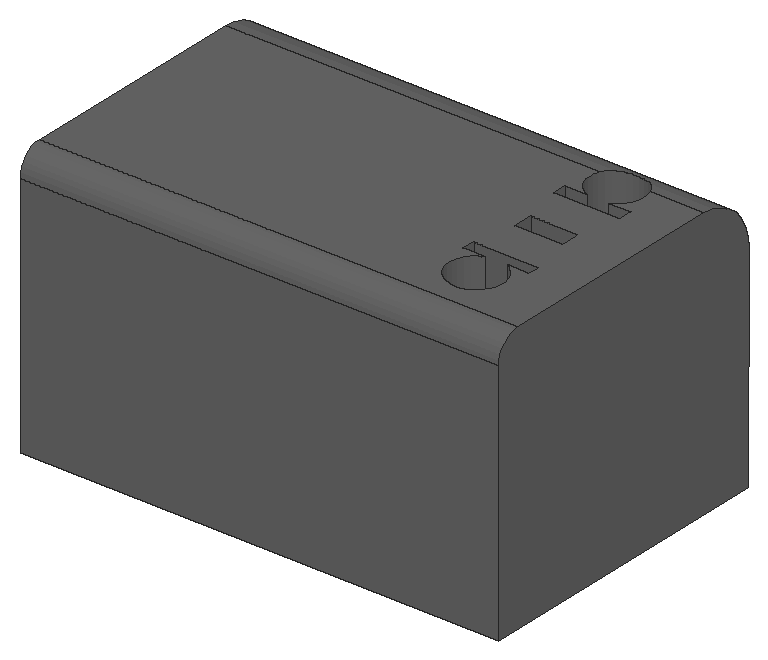
Revit family "Domotics-DomesticRanges-GEWISS-SYSTEM_POWER-SOCKET-OUTLET_SHAVER", category Apparecchi elettrici, host Superficie, Revit 2016
Family settings
  Host = Superficie
  Mantenere orientamento annotazione = Sì
  Tipo di parte = Normale
  Quota connettore circolare = Usa diametro
  Taglio con vuoti quando caricato = No
  Condiviso = Sì
  Punto di calcolo locali = Sì
Parameters (values of type "GW21841 - 230/120v euro/usa shaver socket black")
  Voltage: = "230V ac"
  Voltage = "230V ac"
  Volt = 230 V
  Vista in pianta [instance] = yes
  Version file RFA = "19.4"
  URL = "https://www.gewiss.com/ww/en"
  Type: = "For razor"
  Type = "P11-USA"
  Technical sheet = "https://www.gewiss.com/ww/en/search?q=GW21841"
  TIPO_ = System Presa Rasoio_GENERICO : GW21841 Presa per rasoio standard Euroamericano nero
  Supply voltage = "230V ac - 50/60 Hz"
  Standard: = "Euro-USA"
  Standard = "Euro-USA"
  Simbolo [instance] = yes
  Selectable output voltage = "120 - 230V ac"
  SEO = "Socket outlet"
  Realized by GEWISS S.p.A. = ""
  Default Elevation = 1219.2 mm
  Produttore = "GEWISS S.p.A."
  Offset presa [instance] = 0 mm
  Offset bidimensionale [instance] = 39 mm
  No. SYSTEM modules = "3"
  N. poli = 1
  Modello = "GW21841"
  Maximum power = "20VA"
  Immagine tipo = GW21841.jpg
  IFC.TypeObject = ""
  IFC.ExportType = ""
  IFC.ExportAs = ""
  IDT = "7bd01612-76f8-4d4d-9a05-785bbd72804f"
  IDF = "5a220150-a835-44e3-b795-94ad5cb6ae16"
  For plug pins = "Ø 4 / 5 - 6.3x1.5 mm"
  Electrocod = "0131"
  EAN code = "8011564129665"
  Distanza_x [instance] = 0 mm
  Distanza_effettiva_y [instance] = 100 mm
  Distanza_effettiva_x [instance] = 1000 mm - Distanza_x  # 1000 mm
  Distanza orizzontale del simbolo [instance] = 82.493 mm
  Distanza dal muro [instance] = 4.208 mm
  Descrizione = "230/120V EURO/USA SHAVER SOCKET SY/BK"
  Description. = "Shaver socket-outlet"
  Colour = "Black"
  Catalogue Range = "SYSTEM - DOMESTIC RANGE"
  Catalogue = "DOMOTICS"
  Carico apparente = 0 VA
  COBie.Tagnumber = ""
  COBie.CreatedOn = ""
  COBie.CreatebBy = ""
  COBie.ComponentRegisterItemID = ""
  COBie.Component.TagNumber = ""
  COBie.Component.Space = ""
  COBie.Component.SerialNumber = ""
  COBie.Component.InstallationDate = ""
  COBie.Component.Description = ""
  COBie.Component.BarCode = ""
Types (2, lengths in mm): name | Voltage: | Voltage | Technical sheet | TIPO_ | Modello | Immagine tipo | IDT | Electrocod | EAN code | Descrizione | Colour
  GW20841 - 230/120v euro/usa shaver socket white | "" | "" | "https://www.gewiss.com/ww/en/search?q=GW20841" | System Presa Rasoio_GENERICO : GW20841 Presa per rasoio standard Euroamericano bianco | "GW20841" | GW20841.jpg | "99731cf6-1e3d-4e62-828a-bd6ffa899eb5" | "0130" | "8011564038585" | "230/120V EURO/USA SHAVER SOCKET SY/WT" | "White"
  GW21841 - 230/120v euro/usa shaver socket black | "230V ac" | "230V ac" | "https://www.gewiss.com/ww/en/search?q=GW21841" | System Presa Rasoio_GENERICO : GW21841 Presa per rasoio standard Euroamericano nero | "GW21841" | GW21841.jpg | "7bd01612-76f8-4d4d-9a05-785bbd72804f" | "0131" | "8011564129665" | "230/120V EURO/USA SHAVER SOCKET SY/BK" | "Black"
Reference planes
  plane 1 "Centro (Fronte/Retro)": y = 0
  plane 2: z = 0
  plane 3 "Centro (Sinistra/Destra)": x = 0
  plane 4: x = -1000
  plane 5: x = 0
  plane 6: y = 100
  plane 7: z = 0
  plane 8: z = 39
Lines and regions (mm)
  Masking region 1, visible <- "Vista in pianta"
    outline origin (0, 0, 0) x (1, 0, 0) y (0, 1, 0)
      loop
        line (-34.5, 22.354) -> (-34.5, -22.646) -> (34.5, -22.646) -> (34.5, 22.354) -> (-34.5, 22.354)
      loop
        line (18.337, 7.477) -> (27.859, 7.477) -> (27.859, 9.406) -> (24.699, 9.406)
        arc (24.699, 9.406) -> (23.098, 16.906) -> (21.497, 9.406) r 3.921
        line (21.497, 9.406) -> (18.337, 9.406) -> (18.337, 7.477)
      loop
        line (26.546, 1.758) -> (19.65, 1.758) -> (19.65, -1.181) -> (26.546, -1.181) -> (26.546, 1.758)
      loop
        line (27.859, -6.901) -> (18.337, -6.901) -> (18.337, -8.83) -> (21.497, -8.83)
        arc (21.497, -8.83) -> (23.098, -16.33) -> (24.699, -8.83) r 3.921
        line (24.699, -8.83) -> (27.859, -8.83) -> (27.859, -6.901)
      loop
        arc (-25.955, -6.772) -> (-22.815, -9.912) -> (-19.676, -6.772) r 3.139
        line (-19.676, -6.772) -> (-19.676, 7.349)
        arc (-19.676, 7.349) -> (-22.815, 10.488) -> (-25.955, 7.349) r 3.139
        line (-25.955, 7.349) -> (-25.955, -6.772)
      loop
        circle (-22.815, 16.162) r 0.852
      loop
        circle (-22.815, -15.586) r 0.852
  Masking region 2, visible <- "Vista in pianta"
    outline origin (0, 0, 0) x (1, 0, 0) y (0, 0, 1)
      loop
        line (-34.5, 39) -> (-34.5, 0) -> (34.5, 0) -> (34.5, 39) -> (-34.5, 39)
  Masking region 3, visible <- "Vista in pianta"
    outline origin (0, 0, 0) x (0, 1, 0) y (0, 0, 1)
      loop
        line (-22.646, 39) -> (-22.646, 0) -> (22.354, 0) -> (22.354, 39) -> (-22.646, 39)
Dimensions and locks
  plane 4 to plane 3 "Centro (Sinistra/Destra)" = 1000 mm
  "Distanza_effettiva_x": plane 4 to plane 5
  "Distanza_effettiva_y": plane 6 to plane 1 "Centro (Fronte/Retro)"
  "Offset presa": plane 7 to host face
  "Offset bidimensionale": plane 8 to host face
  aligned and locked: plane 2 to host face
  aligned and locked: level to host face
  aligned and locked: plane 5 to nested 2
  aligned and locked: nested 2 to plane 6
  aligned and locked: plane 5 to nested 1
  aligned and locked: plane 1 "Centro (Fronte/Retro)" to nested 1
  aligned and locked: plane 8 to import instance
  aligned and locked: Masking region 3 to plane 7
  aligned and locked: import instance to plane 8
  aligned and locked: Masking region 3 to nested 1
  aligned and locked: plane 8 to Masking region 2
Automatic sketch dimensions
  host sketch curve to host sketch curve = 2438.4 mm  (x2)
  Masking region 1 sketch curve to Masking region 1 sketch curve = 8.545 mm
  Masking region 1 sketch curve to Masking region 1 sketch curve = 3.139 mm  (x3)
  Masking region 1 sketch curve to plane 1 "Centro (Fronte/Retro)" = 1.758 mm
  Masking region 1 sketch curve to Masking region 1 sketch curve = 1.313 mm  (x2)
  Masking region 1 sketch curve to Masking region 1 sketch curve = 3.16 mm  (x4)
  Masking region 1 sketch curve to Masking region 1 sketch curve = 1.601 mm  (x2)
  Masking region 1 sketch curve to Masking region 1 sketch curve = 3.203 mm  (x2)
  plane 1 "Centro (Fronte/Retro)" to Masking region 1 sketch curve = 1.181 mm
  Masking region 1 sketch curve to Masking region 1 sketch curve = 6.897 mm
  Masking region 1 sketch curve to Masking region 1 sketch curve = 7.06 mm
  Masking region 1 sketch curve to Masking region 1 sketch curve = 11.227 mm
  Masking region 1 sketch curve to Masking region 1 sketch curve = 3.579 mm  (x2)
  Masking region 1 sketch curve to Masking region 1 sketch curve = 1.929 mm  (x2)
  plane 1 "Centro (Fronte/Retro)" to Masking region 1 sketch curve = 6.772 mm
  Masking region 1 sketch curve to plane 1 "Centro (Fronte/Retro)" = 7.349 mm
  Masking region 1 sketch curve to Masking region 1 sketch curve = 5.719 mm
  Masking region 1 sketch curve to Masking region 1 sketch curve = 8.813 mm  (x2)
  plane 3 "Centro (Sinistra/Destra)" to Masking region 1 sketch curve = 18.337 mm
  Masking region 1 sketch curve to Masking region 1 sketch curve = 12.948 mm
  Masking region 2 sketch curve to plane 7 = 0 mm
  Masking region 3 sketch curve to plane 7 = 0 mm
  Masking region 1 sketch curve to plane 3 "Centro (Sinistra/Destra)" = 19.676 mm
  Masking region 1 sketch curve to Masking region 1 sketch curve = 11.402 mm
  Masking region 2 sketch curve to plane 3 "Centro (Sinistra/Destra)" = 34.5 mm
  plane 3 "Centro (Sinistra/Destra)" to Masking region 2 sketch curve = 34.5 mm
  plane 7 to Masking region 2 sketch curve = 39 mm
  Masking region 3 sketch curve to Masking region 3 sketch curve = 39 mm
  plane 1 "Centro (Fronte/Retro)" to Masking region 3 sketch curve = 22.646 mm
  Masking region 3 sketch curve to plane 1 "Centro (Fronte/Retro)" = 22.354 mm
  radius of Masking region 1 sketch curve = 0.852 mm  (x2)
Nested families
  nested 1: "System Presa Rasoio_GENERICO" at (0, 0, 0), type <- "TIPO_", type "GW21841 Presa per rasoio standard Euroamericano nero", detail levels medium+fine
  nested 2: "SIMBOLO PRESA RASOIO" at (0, 100, 0), Distanza dal muro <- "Distanza dal muro", SIMBOLO <- "Simbolo", visible <- "Simbolo", type "RASOIO"
    with SIMBOLO yes, Distanza dal muro 4.208 mm, BORDO ACCESO yes
Connectors
  electrical at (0, -0.146, 0), driven by "N. poli", driven by "Volt", driven by "Carico apparente"
    settings: on nested 1, index 1, voltage 230 V, apparent load 0 VA, apparent load phase1 0 VA, apparent load phase2 0 VA, apparent load phase3 0 VA, power factor 1, load classification "Altro", number of poles 1, system type 31, power factor state 1, is connector primary yes, connector utility no, sub classification motor no, connector description ""
Definition of nested family "System Presa Rasoio_GENERICO"
  Parameters (values of type "GW20841 Presa per rasoio standard Euroamericano bianco")
    Profondità supporto = 28 mm
    Profondità presa = 39 mm
    Finitura Placca Nero = none
    A,ltezza da Terra = 750 mm
  Types (2): name
    GW21841 Presa per rasoio standard Euroamericano nero
    GW20841 Presa per rasoio standard Euroamericano bianco
  Reference planes
    plane 1 "Centro (Fronte/Retro)": y = 0
    plane 2: z = 0
    plane 3 "Centro (Sinistra/Destra)": x = 0
    plane 4: x = -34.5
    plane 5: x = 34.5
    plane 6: z = 28
    plane 7 "A": z = 39
  Forms (mm)
    Extrusion 1, solid, material <- "Finitura Placca Nero", detail levels medium+fine
      sketch origin (0, -772.646, 7.5) x (0, 0, -1) y (0, 1, 0)
        loop
          line (-28, 750) -> (7.5, 750) -> (7.5, 795) -> (-23.5, 795)
          arc (-23.5, 795) -> (-29.157, 792.657) -> (-31.5, 787) r 8
          line (-31.5, 787) -> (-31.5, 753.5)
          arc (-31.5, 753.5) -> (-30.475, 751.025) -> (-28, 750) r 3.5
      from -34.5 to 34.5
    Extrusion 2, void, detail levels medium+fine
      sketch origin (0, -772.646, 7.5) x (1, 0, 0) y (0, 1, 0)
        loop
          arc (24.699, 782.052) -> (23.098, 789.553) -> (21.497, 782.052) r 3.921
          line (21.497, 782.052) -> (18.337, 782.052) -> (18.337, 780.123) -> (27.859, 780.123) -> (27.859, 782.052) -> (24.699, 782.052)
        loop
          line (26.546, 774.404) -> (19.65, 774.404) -> (19.65, 771.465) -> (26.546, 771.465) -> (26.546, 774.404)
        loop
          line (27.859, 765.746) -> (18.337, 765.746) -> (18.337, 763.817) -> (21.497, 763.817)
          arc (21.497, 763.817) -> (23.098, 756.316) -> (24.699, 763.817) r 3.921
          line (24.699, 763.817) -> (27.859, 763.817) -> (27.859, 765.746)
      from 31.5 to 20.5
  Cuts and joins
    Extrusion 2 cuts Extrusion 1
  Lines and regions (mm)
    model lines
      curve 1: line (34.5, -22.646, 0) -> (-34.5, -22.646, 0)
      curve 2: line (-34.5, -22.646, 0) -> (-34.5, 22.354, 0)
      curve 3: line (-34.5, 22.354, 0) -> (34.5, 22.354, 0)
      curve 4: line (34.5, 22.354, 0) -> (34.5, -22.646, 0)
      curve 5: arc (-25.955, -6.772, 39) -> (-22.815, -9.912, 39) -> (-19.676, -6.772, 39) r 3.139
      curve 6: arc (-19.676, 7.349, 39) -> (-22.815, 10.488, 39) -> (-25.955, 7.349, 39) r 3.139
      curve 7: arc (-19.676, 4.793, 39) -> (-22.815, 7.932, 39) -> (-25.955, 4.793, 39) r 3.139
      curve 8: line (6.72, 8.479, 39) -> (0.868, 8.479, 39)
      curve 9: line (0.868, 8.479, 39) -> (0.868, 0.254, 39)
      curve 10: line (0.868, 0.254, 39) -> (-0.793, 0.254, 39)
      curve 11: line (-1.346, 8.479, 39) -> (-7.198, 8.479, 39)
      curve 12: line (-7.198, 8.479, 39) -> (-7.198, 0.412, 39)
      curve 13: line (-7.198, 0.412, 39) -> (-6.803, -1.169, 39)
      curve 14: line (-6.803, -1.169, 39) -> (-6.355, -2.092, 39)
      curve 15: line (-6.355, -2.092, 39) -> (-5.459, -3.146, 39)
      curve 16: line (-5.459, -3.146, 39) -> (-4.51, -3.832, 39)
      curve 17: line (-4.51, -3.832, 39) -> (-3.561, -1.934, 39)
      curve 18: line (-3.561, -1.934, 39) -> (-0.882, -3.273, 39)
      curve 19: line (-0.882, -3.273, 39) -> (-2.453, -6.995, 39)
      curve 20: line (-2.453, -6.995, 39) -> (-5.304, -5.792, 39)
      curve 21: line (-5.304, -5.792, 39) -> (-4.51, -3.832, 39)
      curve 22: line (0.235, -4.464, 39) -> (0.235, -6.415, 39)
      curve 23: line (2.133, -3.99, 39) -> (2.616, -5.88, 39)
      curve 24: line (3.82, -3.199, 39) -> (5.079, -4.689, 39)
      curve 25: line (5.033, -1.723, 39) -> (6.56, -2.937, 39)
      curve 26: line (5.824, -0.141, 39) -> (7.774, -0.141, 39)
      curve 27: line (-3.005, 6.588, 39) -> (-3.891, 6.476, 39)
      curve 28: line (-3.891, 6.476, 39) -> (-4.46, 5.722, 39)
      curve 29: line (-4.46, 5.722, 39) -> (-4.46, 4.891, 39)
      curve 30: line (-4.46, 4.891, 39) -> (-3.94, 4.198, 39)
      curve 31: line (-3.94, 4.198, 39) -> (-3.143, 4.06, 39)
      curve 32: line (-3.143, 4.06, 39) -> (-2.208, 4.337, 39)
      curve 33: line (-2.208, 4.337, 39) -> (-1.81, 5.091, 39)
      curve 34: line (-1.81, 5.091, 39) -> (-1.945, 5.93, 39)
      curve 35: line (4.632, 6.588, 39) -> (3.746, 6.476, 39)
      curve 36: line (3.746, 6.476, 39) -> (3.177, 5.722, 39)
      curve 37: line (3.177, 5.722, 39) -> (3.177, 4.891, 39)
      curve 38: line (3.177, 4.891, 39) -> (3.697, 4.198, 39)
      curve 39: line (3.697, 4.198, 39) -> (4.494, 4.06, 39)
      curve 40: line (4.494, 4.06, 39) -> (5.429, 4.337, 39)
      curve 41: line (5.429, 4.337, 39) -> (5.827, 5.091, 39)
      curve 42: line (5.827, 5.091, 39) -> (5.692, 5.93, 39)
      curve 43: line (-4.135, -7, 39) -> (-4.239, -8.429, 39)
      curve 44: line (-4.239, -8.429, 39) -> (-3.556, -9.415, 39)
      curve 45: line (-3.556, -9.415, 39) -> (-1.805, -9.543, 39)
      curve 46: line (-1.805, -9.543, 39) -> (1.07, -9.188, 39)
      curve 47: line (1.07, -9.188, 39) -> (4.255, -8.278, 39)
      curve 48: line (4.255, -8.278, 39) -> (7.137, -6.609, 39)
      curve 49: line (7.137, -6.609, 39) -> (9.034, -5.017, 39)
      curve 50: line (-25.955, -6.772, 39) -> (-25.955, 0.288, 39)
      curve 51: line (-25.955, 0.288, 39) -> (-25.955, 7.349, 39)
      curve 52: line (-19.676, -6.772, 39) -> (-19.676, 0.288, 39)
      curve 53: line (-19.676, 0.288, 39) -> (-19.676, 7.349, 39)
      curve 54: line (-25.955, -1.836, 39) -> (-19.676, -1.836, 39)
      curve 55: line (-25.955, -0.144, 39) -> (-19.676, -0.144, 39)
      curve 56: circle (-22.815, 16.162, 39) r 0.852 normal (0, 0, 1)
      curve 57: circle (-22.815, -15.586, 39) r 0.852 normal (0, 0, 1)
  Dimensions and locks
    locked: plane 4 to plane 5 at 69
    "Profondità presa": plane 7 "A" to level
    aligned and locked: level to plane 2
    aligned and locked: Extrusion 2 to Extrusion 1
    aligned and locked: cut or joined group of Extrusion 1, Extrusion 2 to curve 3
  Automatic sketch dimensions
    level to Extrusion 1 sketch curve = 0 mm
    level to Extrusion 1 sketch curve = 31 mm
    Extrusion 1 sketch curve to Extrusion 1 sketch curve = 35.5 mm
    Extrusion 1 sketch curve to Extrusion 1 sketch curve = 3.5 mm
    plane 1 "Centro (Fronte/Retro)" to Extrusion 1 sketch curve = 22.646 mm
    Extrusion 1 sketch curve to plane 1 "Centro (Fronte/Retro)" = 14.354 mm
    Extrusion 2 sketch curve to Extrusion 2 sketch curve = 1.601 mm  (x2)
    Extrusion 2 sketch curve to Extrusion 2 sketch curve = 3.579 mm  (x2)
    Extrusion 2 sketch curve to Extrusion 2 sketch curve = 3.16 mm  (x3)
    Extrusion 2 sketch curve to Extrusion 2 sketch curve = 1.929 mm  (x3)
    Extrusion 2 sketch curve to plane 1 "Centro (Fronte/Retro)" = 7.477 mm
    plane 3 "Centro (Sinistra/Destra)" to Extrusion 2 sketch curve = 18.337 mm
    Extrusion 2 sketch curve to plane 1 "Centro (Fronte/Retro)" = 1.758 mm
    Extrusion 2 sketch curve to Extrusion 2 sketch curve = 1.313 mm  (x4)
    plane 1 "Centro (Fronte/Retro)" to Extrusion 2 sketch curve = 1.181 mm
    Extrusion 2 sketch curve to Extrusion 2 sketch curve = 5.719 mm
    Extrusion 2 sketch curve to Extrusion 2 sketch curve = 3.203 mm
    curve 2 to plane 4 = 0 mm
    curve 4 to plane 5 = 0 mm
    plane 1 "Centro (Fronte/Retro)" to curve 1 = 22.646 mm
    curve 56 to plane 1 "Centro (Fronte/Retro)" = 16.162 mm
    curve 6 to plane 1 "Centro (Fronte/Retro)" = 7.349 mm
    curve 6 to curve 7 = 2.556 mm
    plane 1 "Centro (Fronte/Retro)" to curve 5 = 6.772 mm
    curve 5 to curve 57 = 8.813 mm
    plane 4 to curve 56 = 11.685 mm
    curve 7 to curve 56 = 0 mm
    curve 57 to curve 5 = 0 mm
    curve 11 to plane 1 "Centro (Fronte/Retro)" = 8.479 mm
    curve 11 to curve 8 = 0 mm
    curve 8 to curve 35 = 1.891 mm
    curve 27 to plane 3 "Centro (Sinistra/Destra)" = 3.005 mm
    curve 11 to curve 27 = 1.891 mm
    curve 27 to curve 28 = 0.112 mm
    curve 35 to curve 35 = 0.112 mm
    curve 34 to plane 3 "Centro (Sinistra/Destra)" = 1.945 mm
    curve 27 to curve 34 = 0.658 mm
    curve 35 to curve 42 = 0.658 mm
    curve 35 to curve 37 = 0.754 mm
    curve 27 to curve 28 = 0.754 mm
    curve 42 to curve 42 = 0.839 mm
    curve 34 to curve 33 = 0.839 mm
    curve 34 to plane 3 "Centro (Sinistra/Destra)" = 1.81 mm
    curve 28 to curve 29 = 0.831 mm
    curve 36 to curve 37 = 0.831 mm
    curve 41 to curve 40 = 0.754 mm
    curve 33 to curve 32 = 0.754 mm
    curve 29 to curve 31 = 0.693 mm
    curve 37 to curve 38 = 0.693 mm
    curve 38 to curve 40 = 0.139 mm
    curve 30 to curve 31 = 0.139 mm
    curve 12 to plane 1 "Centro (Fronte/Retro)" = 0.412 mm
    curve 53 to plane 1 "Centro (Fronte/Retro)" = 0.288 mm
    curve 50 to plane 1 "Centro (Fronte/Retro)" = 0.288 mm
    curve 9 to plane 1 "Centro (Fronte/Retro)" = 0.254 mm
    plane 1 "Centro (Fronte/Retro)" to curve 26 = 0.141 mm
    plane 1 "Centro (Fronte/Retro)" to curve 55 = 0.144 mm
    plane 1 "Centro (Fronte/Retro)" to curve 13 = 1.169 mm
    plane 1 "Centro (Fronte/Retro)" to curve 25 = 1.723 mm
    curve 55 to curve 54 = 1.692 mm
    plane 1 "Centro (Fronte/Retro)" to curve 17 = 1.934 mm
    curve 13 to curve 14 = 0.923 mm
    curve 25 to curve 25 = 1.214 mm
    curve 14 to curve 15 = 1.054 mm
    curve 25 to curve 24 = 1.476 mm
    curve 19 to plane 3 "Centro (Sinistra/Destra)" = 0.882 mm
    curve 17 to curve 19 = 1.339 mm
    curve 15 to curve 16 = 0.685 mm
    curve 24 to curve 23 = 0.791 mm
    plane 3 "Centro (Sinistra/Destra)" to curve 22 = 0.235 mm
    curve 18 to curve 22 = 1.192 mm
    curve 24 to curve 24 = 1.49 mm
    curve 25 to curve 49 = 2.08 mm
    curve 16 to curve 21 = 1.96 mm
    plane 3 "Centro (Sinistra/Destra)" to curve 23 = 2.616 mm
    curve 23 to curve 23 = 1.89 mm
    curve 22 to curve 22 = 1.951 mm
    curve 49 to curve 48 = 1.593 mm
    curve 22 to curve 19 = 0.58 mm
    curve 20 to curve 43 = 1.209 mm
    curve 23 to curve 47 = 2.398 mm
    curve 43 to curve 43 = 1.429 mm
    curve 22 to curve 47 = 2.773 mm
    plane 3 "Centro (Sinistra/Destra)" to curve 46 = 1.07 mm
    curve 43 to curve 44 = 0.986 mm
    curve 45 to plane 3 "Centro (Sinistra/Destra)" = 3.556 mm
    curve 44 to curve 46 = 0.127 mm
    curve 45 to plane 3 "Centro (Sinistra/Destra)" = 1.805 mm
    curve 7 to curve 7 = 3.139 mm
    curve 12 to curve 13 = 0.395 mm
    curve 13 to curve 14 = 0.448 mm
    curve 14 to curve 16 = 0.896 mm
    curve 15 to curve 21 = 0.154 mm
    curve 15 to curve 21 = 0.949 mm
    curve 30 to curve 27 = 1.455 mm
    curve 44 to curve 44 = 0.683 mm
    curve 43 to curve 43 = 0.104 mm
    curve 29 to curve 31 = 0.52 mm
    curve 28 to curve 27 = 0.886 mm
    curve 16 to curve 18 = 0.949 mm
    curve 30 to curve 32 = 0.797 mm
    curve 33 to curve 33 = 0.398 mm
    curve 11 to plane 3 "Centro (Sinistra/Destra)" = 1.346 mm
    curve 10 to plane 3 "Centro (Sinistra/Destra)" = 0.793 mm
    plane 3 "Centro (Sinistra/Destra)" to curve 9 = 0.868 mm
    curve 23 to curve 23 = 0.483 mm
    plane 3 "Centro (Sinistra/Destra)" to curve 36 = 3.177 mm
    curve 37 to curve 39 = 0.52 mm
    curve 36 to curve 36 = 0.568 mm
    curve 23 to curve 24 = 1.687 mm
    curve 23 to curve 47 = 1.64 mm
    curve 38 to curve 39 = 0.797 mm
    curve 35 to curve 35 = 0.886 mm
    curve 24 to curve 25 = 1.213 mm
    curve 24 to curve 24 = 1.259 mm
    curve 39 to curve 40 = 0.935 mm
    curve 35 to curve 42 = 1.06 mm
    curve 25 to curve 26 = 0.791 mm
    curve 42 to curve 42 = 0.135 mm
    curve 25 to curve 25 = 1.527 mm
    curve 42 to curve 8 = 1.028 mm
    curve 24 to curve 49 = 2.059 mm
    curve 26 to curve 26 = 1.951 mm
    curve 49 to curve 49 = 1.896 mm
    radius of curve 56 = 0.852 mm
    radius of curve 57 = 0.852 mm
Definition of nested family "SIMBOLO PRESA RASOIO"
  Parameters (values of type "RASOIO")
    SIMBOLO [instance] = yes
    Distanza dal muro [instance] = 4.208 mm
    BORDO ACCESO [instance] = yes
  Reference planes
    plane 1: y = 0
    plane 2: x = 0
  Dimensions and locks
    aligned and locked: plane 1 to nested 1
    aligned and locked: plane 2 to nested 1
  Nested families
    nested 1: "SIMBOLO PRESA RASOIO_BASE" at (0, 0, 0), BORDO ACCESO <- "BORDO ACCESO", visible <- "SIMBOLO", type "RASOIO"
      with BORDO ACCESO yes
  Definition of nested family "SIMBOLO PRESA RASOIO_BASE"
    Parameters (values of type "RASOIO")
      Distanza dal muro = 4.208 mm
      BORDO ACCESO [instance] = yes
    Reference planes
      plane 1: y = 0
      plane 2: x = 0
    Lines and regions (mm)
      detail lines, visible <- "BORDO ACCESO", not visible
        curve 1: line (-1.743, 9.208, 0) -> (2.057, 9.208, 0)
        curve 2: line (2.057, 9.208, 0) -> (2.057, 4.208, 0)
        curve 3: line (2.057, 4.208, 0) -> (-1.743, 4.208, 0)
        curve 4: line (-1.743, 4.208, 0) -> (-1.743, 9.208, 0)
        curve 5: line (-1.543, 9.008, 0) -> (1.857, 9.008, 0)
        curve 6: line (1.857, 9.008, 0) -> (1.857, 4.408, 0)
        curve 7: line (1.857, 4.408, 0) -> (-1.543, 4.408, 0)
        curve 8: line (-1.543, 4.408, 0) -> (-1.543, 9.008, 0)
      detail lines
        curve 9: line (0, 0.996, 0) -> (0, 0.213, 0)
        curve 10: circle (0, 1.496, 0) r 0.5 normal (0, 0, 1)
        curve 11: arc (-0.393, 2.233, 0) -> (-0.004, 1.424, 0) -> (0.397, 2.227, 0) r 0.5
